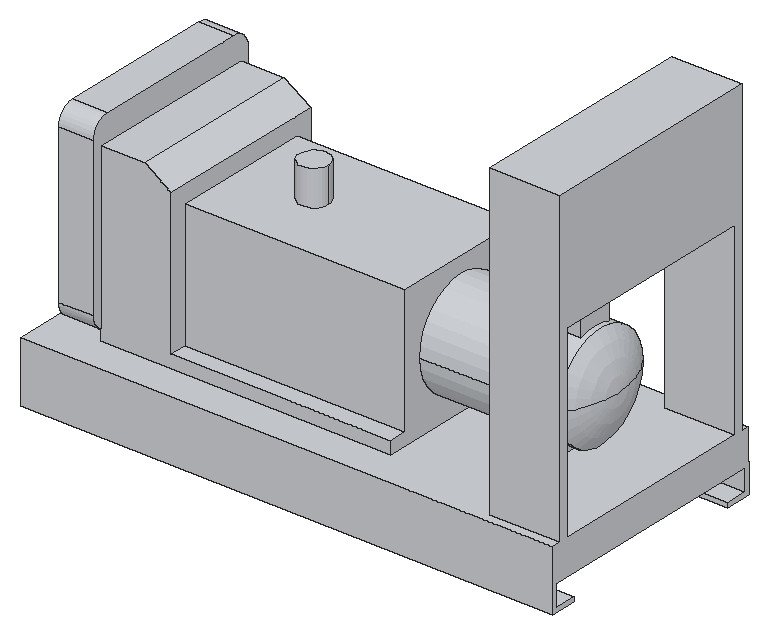
Revit family "M_Gerador de energia de emergência a gás", category Equipamento elétrico, Revit 2019
Family settings
  Configuração do painel = Duas colunas, circuitos transversais
  Cota do conector redondo = Utilizar diâmetro
  Tipo de parte = Painel de controle
  Número OmniClass = 23.80.10.11.11.11
  Título OmniClass = Engine Generators
  ID de item do Seek = Gas Emergency Power Generator-0000-CAN-ENU
  Com base no plano de trabalho = Não
  Sempre na vertical = Sim
  Corte com vazios quando carregada = Não
  Compartilhado = Não
  Ponto de cálculo do ambiente = Não
Parameters (values of type "25 kW")
  Largura 7 = 0.5 * Largura 4  # 279.321 mm
  Largura 6 = 0.5 * Largura 3  # 50.786 mm
  Largura 5 = Altura 3  # 76.179 mm
  Largura 4 = 11 / 14 * Largura do gerador  # 558.643 mm
  Largura 3 = Largura do gerador * 1 / 7  # 101.571 mm
  Largura 2 = 0.8 * Largura 1  # 406.286 mm
  Largura 1 = Largura do gerador * 5 / 7  # 507.857 mm
  Raio 6 = 0.2 * Comprimento 6  # 42.66 mm
  Raio 5 = Raio 1 + 25 mm  # 177.357 mm
  Raio 4 = 0.5 * Diâmetro 1  # 12.696 mm
  Raio 3 = 0.5 * Comprimento 4 + Comprimento 12  # 253.929 mm
  Raio 2 = Largura do gerador / 14  # 50.786 mm
  Raio 1 = (Largura do gerador - Largura 2) * 1 / 2  # 152.357 mm
  Classificação de carga = Potência
  Comprimento 9 = Comprimento 13  # 76.179 mm
  Comprimento 8 = (Largura do gerador - Largura 2) / 2  # 152.357 mm
  Comprimento 7 = Largura 2  # 406.286 mm
  Comprimento 6 = 1 / 3 * Comprimento 3  # 213.3 mm
  Comprimento 5 = Largura do gerador * 2 / 7  # 203.143 mm
  Comprimento 4 = Largura do gerador * 4 / 7  # 406.286 mm
  Comprimento 3 = Largura do gerador * 0.9  # 639.9 mm
  Comprimento 2 = Largura do gerador * 2 / 7  # 203.143 mm
  Comprimento 13 = 3 / 8 * Comprimento 2  # 76.179 mm
  Comprimento 12 = 1 / 2 * Comprimento 1  # 50.786 mm
  Comprimento 11 = 1 / 3 * Comprimento 13  # 25.393 mm
  Comprimento 10 = Comprimento 2 - Comprimento 13  # 126.964 mm
  Comprimento 1 = Largura do gerador / 7  # 101.571 mm
  Altura 9 = 1.5 * Altura 2  # 38.089 mm
  Altura 8 = 19 mm + Raio 1  # 171.357 mm
  Altura 7 = Largura do gerador * 1 / 2  # 355.5 mm
  Altura 6 = (Altura 2) * 3 / 2  # 38.089 mm
  Altura 5 = Altura 4 - 4 * (Altura 2)  # 406.286 mm
  Altura 4 = Altura 1 - 2 * (Altura 2)  # 507.857 mm
  Altura 3 = Altura 2 * 3  # 76.179 mm
  Altura 2 = Largura do gerador / 28  # 25.393 mm
  Altura 1 = 1.5 * (Largura 1) - 0.5 * (Largura 2)  # 558.643 mm
  Meia largura 4 = 0.5 * Largura 4  # 279.321 mm
  Largura do gerador = 711 mm
  Material do gerador = none
  Comprimento do gerador = 1546 mm
  Altura do gerador = 1080 mm
  Diâmetro 1 = 1 / 3 * Comprimento 13  # 25.393 mm
  Altura base = Largura do gerador * 1 / 4  # 177.75 mm
  Carga aparente [instance] = 31250 VA
  Voltagem do alternador = 480 V
Types (4, lengths in mm): name | Largura 7 | Largura 6 | Largura 5 | Largura 4 | Largura 3 | Largura 2 | Largura 1 | Raio 6 | Raio 5 | Raio 4 | Raio 3 | Raio 2 | Raio 1 | Comprimento 9 | Comprimento 8 | Comprimento 7 | Comprimento 6 | Comprimento 5 | Comprimento 4 | Comprimento 3 | Comprimento 2 | Comprimento 13 | Comprimento 12 | Comprimento 11 | Comprimento 10 | Comprimento 1 | Altura 9 | Altura 8 | Altura 7 | Altura 6 | Altura 5 | Altura 4 | Altura 3 | Altura 2 | Altura 1 | Meia largura 4 | Largura do gerador | Comprimento do gerador | Altura do gerador | Diâmetro 1 | Altura base | Carga aparente
  (no name) | 279.321 | 50.786 | 76.179 | 558.643 | 101.571 | 406.286 | 507.857 | 42.66 | 177.357 | 12.696 | 253.929 | 50.786 | 152.357 | 76.179 | 152.357 | 406.286 | 213.3 | 203.143 | 406.286 | 639.9 | 203.143 | 76.179 | 50.786 | 25.393 | 126.964 | 101.571 | 38.089 | 171.357 | 355.5 | 38.089 | 406.286 | 507.857 | 76.179 | 25.393 | 558.643 | 279.321 | 711 | 1546 | 1080 | 25.393 | 177.75 | 31250 VA
  125 kW | 558.643 | 101.571 | 152.357 | 1117.286 | 203.143 | 812.571 | 1015.714 | 85.32 | 329.714 | 25.393 | 507.857 | 101.571 | 304.714 | 152.357 | 304.714 | 812.571 | 426.6 | 406.286 | 812.571 | 1279.8 | 406.286 | 152.357 | 101.571 | 50.786 | 253.929 | 203.143 | 76.179 | 323.714 | 711 | 76.179 | 812.571 | 1015.714 | 152.357 | 50.786 | 1117.286 | 558.643 | 1422 | 3093 | 2159 | 50.786 | 355.5 | 156250 VA
  25 kW | 279.321 | 50.786 | 76.179 | 558.643 | 101.571 | 406.286 | 507.857 | 42.66 | 177.357 | 12.696 | 253.929 | 50.786 | 152.357 | 76.179 | 152.357 | 406.286 | 213.3 | 203.143 | 406.286 | 639.9 | 203.143 | 76.179 | 50.786 | 25.393 | 126.964 | 101.571 | 38.089 | 171.357 | 355.5 | 38.089 | 406.286 | 507.857 | 76.179 | 25.393 | 558.643 | 279.321 | 711 | 1546 | 1080 | 25.393 | 177.75 | 31250 VA
  32 kW | 306.821 | 55.786 | 83.679 | 613.643 | 111.571 | 446.286 | 557.857 | 46.86 | 192.357 | 13.946 | 278.929 | 55.786 | 167.357 | 83.679 | 167.357 | 446.286 | 234.3 | 223.143 | 446.286 | 702.9 | 223.143 | 83.679 | 55.786 | 27.893 | 139.464 | 111.571 | 41.839 | 186.357 | 390.5 | 41.839 | 446.286 | 557.857 | 83.679 | 27.893 | 613.643 | 306.821 | 781 | 1702 | 1188 | 27.893 | 195.25 | 40000 VA
Reference planes
  plane 1 "Centro (Frente/Trás)": y = 0
  plane 2: z = 0
  plane 3 "Centro (Esquerda/Direita)": x = 0
  plane 4: x = 773
  plane 5: x = -773
  plane 6: y = 355.5
  plane 7: y = -355.5
  plane 8: z = 1080
  plane 9: z = 76.179
  plane 10: y = -279.321
  plane 11: y = 279.321
  plane 12: y = -342.8
  plane 13: y = 342.8
  plane 14: z = 12.7
  plane 15: z = 177.75
  plane 16: x = -722.214
  plane 17: x = -620.643
  plane 18: z = 203.143
  plane 19: z = 761.786
  plane 20: z = 711
  plane 21: z = 253.929
  plane 22: y = -228.536
  plane 23: y = 228.536
  plane 24: z = 215.839
  plane 25: x = -417.5
  plane 26: x = -493.679
  plane 27: x = 222.4
  plane 28: z = 685.607
  plane 29: y = 253.929
  plane 30: y = -253.929
  plane 31: y = 203.143
  plane 32: y = -203.143
  plane 33: z = 584.036
  plane 34: z = 685.636
  plane 35: x = -204.2
  plane 36: x = 628.686
  plane 37: x = 425.543
  plane 38 "Planta 3": z = 387.196
  plane 39: z = 234.839
  plane 40: y = 25.393
  plane 41: y = -25.393
  plane 42: x = 501.721
  plane 43: x = 476.329
  plane 44: x = 527.114
  plane 45: x = 463.632
  plane 46: x = 539.811
  plane 47: x = 612.811
  plane 48: x = 460.454
  plane 49: y = 50.786
  plane 50: y = -50.786
  plane 51: z = 539.554
  plane 52: z = 577.643
  plane 53: x = 587.418
  plane 54: z = 724.5
  plane 55: y = 330.1
  plane 56: y = 304.7
  plane 57: y = -330.1
  plane 58: y = -304.7
  plane 59: x = 569.857
Forms (mm)
  Sweep 1, solid, material <- "Material do gerador", detail levels fine
    path origin (0, 0, 0) x (1, 0, 0) y (0, 1, 0)
      loop
        line (-773, 355.5) -> (773, 355.5)
    profile origin (0, 355.5, 0) x (0, 1, 0) y (0, 0, 1)
      loop
        line (0, 76.179) -> (-12.7, 76.179) -> (-12.7, 12.7) -> (-76.179, 12.7) -> (-76.179, 0) -> (0, 0) -> (0, 76.179)
  Sweep 2, solid, material <- "Material do gerador", detail levels fine
    path origin (0, 0, 0) x (1, 0, 0) y (0, 1, 0)
      loop
        line (-773, -355.5) -> (773, -355.5)
    profile origin (0, -355.5, 0) x (0, 1, 0) y (0, 0, 1)
      loop
        line (12.7, 76.179) -> (0, 76.179) -> (0, 0) -> (76.179, 0) -> (76.179, 12.7) -> (12.7, 12.7) -> (12.7, 76.179)
  Extrusion 3, solid, material <- "Material do gerador", detail levels fine
    sketch origin (0, 0, 0) x (1, 0, 0) y (0, 0, 1)
      loop
        line (-773, 177.75) -> (-773, 76.179) -> (773, 76.179) -> (773, 177.75) -> (-773, 177.75)
    from -355.5 to 355.5
  Extrusion 4, solid, material <- "Material do gerador", detail levels fine
    sketch origin (0, 0, 0) x (0, 1, 0) y (0, 0, 1)
      loop
        line (228.536, 761.786) -> (-228.536, 761.786)
        arc (-228.536, 761.786) -> (-264.447, 746.911) -> (-279.321, 711) r 50.786
        line (-279.321, 711) -> (-279.321, 253.929)
        arc (-279.321, 253.929) -> (-264.447, 218.018) -> (-228.536, 203.143) r 50.786
        line (-228.536, 203.143) -> (228.536, 203.143)
        arc (228.536, 203.143) -> (264.447, 218.018) -> (279.321, 253.929) r 50.786
        line (279.321, 253.929) -> (279.321, 711)
        arc (279.321, 711) -> (264.447, 746.911) -> (228.536, 761.786) r 50.786
    from -722.214 to -620.643
  Extrusion 5, solid, material <- "Material do gerador", detail levels fine
    sketch origin (0, 0, 0) x (1, 0, 0) y (0, 0, 1)
      loop
        line (-620.643, 685.607) -> (-620.643, 177.75) -> (222.4, 177.75) -> (222.4, 215.839) -> (-417.5, 215.839) -> (-417.5, 634.706) -> (-493.679, 685.607) -> (-620.643, 685.607)
    from -253.929 to 253.929
  Extrusion 6, solid, material <- "Material do gerador", detail levels fine
    sketch origin (0, 0, 0) x (1, 0, 0) y (0, 0, 1)
      loop
        line (-417.5, 584.036) -> (-417.5, 215.839) -> (222.4, 215.839) -> (222.4, 584.036) -> (-417.5, 584.036)
    from -203.143 to 203.143
  Extrusion 7, solid, material <- "Material do gerador", detail levels fine
    sketch origin (0, 0, 0) x (1, 0, 0) y (0, 1, 0)
      loop
        circle (-204.2, 0) r 42.66
    from 584.036 to 685.636
  Extrusion 8, solid, material <- "Material do gerador", detail levels fine
    sketch origin (0, 0, 0) x (0, 1, 0) y (0, 0, 1)
      loop
        circle (0, 387.196) r 152.357
    from 222.4 to 628.686
  Revolve 9, solid, material <- "Material do gerador", detail levels fine
    sketch origin (0, 0, 387.196) x (-1, 0, 0) y (0, -1, 0)
      loop
        line (-679.471, 0) -> (-628.686, 0) -> (-628.686, 152.357)
        arc (-628.686, 152.357) -> (-666.441, 80.299) -> (-679.471, 0) r 253.929
      axis (-628.686, 0) -> (-679.471, 0)
    angle from 0 to 360
  Extrusion 10, solid, material <- "Material do gerador", detail levels fine
    sketch origin (0, 0, 387.196) x (-1, 0, 0) y (0, -1, 0)
      loop
        line (-476.329, -25.393) -> (-476.329, 25.393) -> (-527.114, 25.393) -> (-527.114, -25.393) -> (-476.329, -25.393)
    from -209.446 to 0
  Extrusion 11, solid, material <- "Material do gerador", detail levels fine
    sketch origin (0, 0, 0) x (0, 1, 0) y (0, 0, 1)
      loop
        arc (123.26, 297.643) -> (0, 234.839) -> (-123.26, 297.643) r 152.357
        line (-123.26, 297.643) -> (-143.485, 282.949)
        arc (-143.485, 282.949) -> (0, 209.839) -> (143.485, 282.949) r 177.357
        line (143.485, 282.949) -> (123.26, 297.643)
    from 463.632 to 539.811
  Extrusion 12, solid, material <- "Material do gerador", detail levels fine
    sketch origin (0, 0, 387.196) x (-1, 0, 0) y (0, -1, 0)
      loop
        line (-460.454, -50.786) -> (-460.454, 50.786) -> (-612.811, 50.786) -> (-612.811, -50.786) -> (-460.454, -50.786)
    from 0 to 190.446
  Extrusion 13, solid, material <- "Material do gerador", detail levels fine
    sketch origin (0, 0, 387.196) x (-1, 0, 0) y (0, -1, 0)
      loop
        circle (-587.418, 0) r 12.696
    from 190.446 to 337.304
  Extrusion 14, solid, material <- "Material do gerador", detail levels fine
    sketch origin (0, 0, 387.196) x (-1, 0, 0) y (0, -1, 0)
      loop
        line (-569.857, -330.1) -> (-569.857, -304.7) -> (-773, -304.7) -> (-773, -330.1) -> (-569.857, -330.1)
    from -209.446 to 337.304
  Extrusion 15, solid, material <- "Material do gerador", detail levels fine
    sketch origin (0, 0, 387.196) x (-1, 0, 0) y (0, -1, 0)
      loop
        line (-569.857, 304.7) -> (-569.857, 330.1) -> (-773, 330.1) -> (-773, 304.7) -> (-569.857, 304.7)
    from -209.446 to 337.304
  Extrusion 16, solid, material <- "Material do gerador", detail levels fine
    sketch origin (0, 0, 387.196) x (-1, 0, 0) y (0, -1, 0)
      loop
        line (-569.857, -330.1) -> (-569.857, 330.1) -> (-773, 330.1) -> (-773, -330.1) -> (-569.857, -330.1)
    from 337.304 to 692.804
  Extrusion 17, solid, material <- "Material do gerador", detail levels coarse+medium
    sketch origin (0, 0, 0) x (0, 1, 0) y (0, 0, 1)
      loop
        line (355.5, 1080) -> (-355.5, 1080) -> (-355.5, 0) -> (355.5, 0) -> (355.5, 1080)
    from -773 to 773
Cuts and joins
  joined: Sweep 1, Sweep 2, Extrusion 3, Extrusion 4, Extrusion 5, Extrusion 6, Extrusion 7, Extrusion 8, Revolve 9, Extrusion 10, Extrusion 11, Extrusion 12, Extrusion 13, Extrusion 14, Extrusion 15, Extrusion 16
Lines and regions (mm)
  reference lines
    curve 1: line (0, 0, 387.196) -> (0, -174.667, 260.294)
    curve 2: line (0, 0, 387.196) -> (0, 169.53, 264.026)
Dimensions and locks
  equal spacing: plane 5, plane 3 "Centro (Esquerda/Direita)", plane 4
  "Comprimento do gerador": plane 5 to plane 4
  equal spacing: plane 7, plane 1 "Centro (Frente/Trás)", plane 6
  "Largura do gerador": plane 7 to plane 6
  "Altura do gerador": plane 8 to plane 2
  "Altura 3": plane 9 to plane 2
  "Largura 5": plane 10 to plane 7
  "Largura 5": plane 6 to plane 11
  locked: plane 14 to plane 2 at 12.7
  locked: plane 6 to plane 13 at 12.7
  locked: plane 12 to plane 7 at 12.7
  "Altura base": plane 15 to plane 2
  "Comprimento 12": plane 5 to plane 16
  "Comprimento 1": plane 16 to plane 17
  "Altura 2": plane 18 to plane 15
  "Altura 1": plane 19 to plane 18
  equal spacing: plane 11, plane 1 "Centro (Frente/Trás)", plane 10
  "Largura 7": plane 11 to plane 1 "Centro (Frente/Trás)"
  "Raio 2": plane 19 to plane 20
  "Raio 2": plane 21 to plane 18
  "Raio 2": plane 22 to plane 10
  "Raio 2": plane 11 to plane 23
  "Altura 6": plane 24 to plane 15
  "Comprimento 2": plane 17 to plane 25
  "Comprimento 3": plane 25 to plane 27
  "Comprimento 13": plane 26 to plane 25
  "Altura 4": plane 28 to plane 15
  equal spacing: plane 30, plane 1 "Centro (Frente/Trás)", plane 29
  "Largura 1": plane 30 to plane 29
  equal spacing: plane 32, plane 1 "Centro (Frente/Trás)", plane 31
  "Largura 2": plane 32 to plane 31
  "Altura 5": plane 33 to plane 15
  locked: plane 34 to plane 33 at 101.6
  "Comprimento 6": plane 25 to plane 35
  "Comprimento 4": plane 27 to plane 36
  equal spacing: plane 27, plane 37, plane 36
  "Altura 8": plane 38 "Planta 3" to plane 24
  "Raio 1": plane 38 "Planta 3" to plane 39
  equal spacing: plane 41, plane 1 "Centro (Frente/Trás)", plane 40
  "Largura 6": plane 41 to plane 40
  "Comprimento 10": plane 42 to plane 36
  equal spacing: plane 43, plane 42, plane 44
  "Largura 6": plane 43 to plane 44
  equal spacing: plane 45, plane 42, plane 46
  "Comprimento 9": plane 45 to plane 46
  locked: plane 47 to plane 36 at 15.875
  "Comprimento 8": plane 48 to plane 47
  equal spacing: plane 50, plane 1 "Centro (Frente/Trás)", plane 49
  "Largura 3": plane 50 to plane 49
  "Raio 1": plane 51 to plane 38 "Planta 3"
  "Altura 9": plane 52 to plane 51
  "Comprimento 11": plane 53 to plane 47
  "Altura 7": plane 8 to plane 54
  locked: plane 55 to plane 6 at 25.4
  locked: plane 56 to plane 55 at 25.4
  locked: plane 7 to plane 57 at 25.4
  locked: plane 57 to plane 58 at 25.4
  "Comprimento 5": plane 59 to plane 4
  "Raio 2": radius of Extrusion 4 sketch curve  (x4)
  "Raio 6": radius of Extrusion 7 sketch curve
  "Raio 1": radius of Extrusion 8 sketch curve
  "Raio 3": radius of Revolve 9 sketch curve
  "Raio 1": radius of Extrusion 11 sketch curve
  "Raio 5": radius of Extrusion 11 sketch curve
  "Raio 4": radius of Extrusion 13 sketch curve
  locked: plane 26 to Extrusion 5 sketch curve (angle 56.25°)
  locked: curve 1 to plane 1 "Centro (Frente/Trás)" (angle 54.00°)
  locked: plane 1 "Centro (Frente/Trás)" to curve 2 (angle 54.00°)
  aligned and locked: plane 6 to Sweep 1 sketch curve  (x2)
  aligned and locked: Sweep 1 sketch curve to plane 9
  aligned and locked: Sweep 1 sketch curve to plane 13
  aligned and locked: Sweep 1 sketch curve to plane 14
  aligned and locked: Sweep 1 sketch curve to plane 11
  aligned and locked: plane 2 to Sweep 1 sketch curve
  aligned and locked: Sweep 2 sketch curve to plane 7
  aligned and locked: Sweep 2 sketch curve to plane 9
  aligned and locked: plane 12 to Sweep 2 sketch curve
  aligned and locked: Sweep 2 sketch curve to plane 14
  aligned and locked: Sweep 2 sketch curve to plane 10
  aligned and locked: plane 2 to Sweep 2 sketch curve
  aligned and locked: plane 7 to Sweep 2 sketch curve
  aligned and locked: plane 5 to Sweep 1
  aligned and locked: plane 5 to Sweep 2
  aligned and locked: plane 4 to Sweep 2
  aligned and locked: plane 4 to Sweep 1
  aligned and locked: plane 5 to Extrusion 3 sketch curve
  aligned and locked: Extrusion 3 sketch curve to plane 15
  aligned and locked: Sweep 1 to Extrusion 3 sketch curve
  aligned and locked: Extrusion 3 sketch curve to Sweep 1
  aligned and locked: Extrusion 3 to plane 6
  aligned and locked: Extrusion 3 to plane 7
  aligned and locked: plane 23 to Extrusion 4 sketch curve  (x2)
  aligned and locked: plane 20 to Extrusion 4 sketch curve  (x2)
  aligned and locked: plane 22 to Extrusion 4 sketch curve  (x2)
  aligned and locked: plane 21 to Extrusion 4 sketch curve  (x2)
  aligned and locked: Extrusion 4 to plane 16
  aligned and locked: plane 17 to Extrusion 4
  aligned and locked: Extrusion 5 sketch curve to plane 28
  aligned and locked: Extrusion 5 sketch curve to plane 25
  aligned and locked: plane 26 to Extrusion 5 sketch curve
  aligned and locked: plane 17 to Extrusion 5 sketch curve
  aligned and locked: Extrusion 5 sketch curve to plane 24
  aligned and locked: plane 15 to Extrusion 5 sketch curve
  aligned and locked: Extrusion 5 sketch curve to plane 27
  aligned and locked: Extrusion 5 to plane 29
  aligned and locked: plane 30 to Extrusion 5
  aligned and locked: plane 25 to Extrusion 6 sketch curve
  aligned and locked: Extrusion 6 sketch curve to plane 33
  aligned and locked: Extrusion 6 sketch curve to Extrusion 5  (x2)
  aligned and locked: Extrusion 6 to plane 31
  aligned and locked: plane 32 to Extrusion 6
  aligned and locked: plane 35 to Extrusion 7 sketch curve
  aligned and locked: plane 1 "Centro (Frente/Trás)" to Extrusion 7 sketch curve
  aligned and locked: plane 34 to Extrusion 7
  aligned and locked: Extrusion 7 to plane 33
  aligned and locked: plane 1 "Centro (Frente/Trás)" to Extrusion 8 sketch curve
  aligned and locked: plane 38 "Planta 3" to Extrusion 8 sketch curve
  aligned and locked: plane 36 to Extrusion 8
  aligned and locked: Extrusion 8 to plane 27
  aligned and locked: plane 37 to Revolve 9 sketch curve
  aligned and locked: plane 1 "Centro (Frente/Trás)" to Revolve 9 sketch curve  (x2)
  aligned and locked: plane 36 to Revolve 9 sketch curve
  aligned and locked: plane 43 to Extrusion 10 sketch curve
  aligned and locked: plane 40 to Extrusion 10 sketch curve
  aligned and locked: plane 41 to Extrusion 10 sketch curve
  aligned and locked: Extrusion 10 sketch curve to plane 44
  aligned and locked: Extrusion 10 to plane 15
  aligned and locked: plane 38 "Planta 3" to Extrusion 10
  aligned and locked: plane 1 "Centro (Frente/Trás)" to curve 1
  aligned and locked: plane 38 "Planta 3" to curve 1
  aligned and locked: plane 1 "Centro (Frente/Trás)" to Extrusion 11 sketch curve  (x2)
  aligned and locked: plane 38 "Planta 3" to Extrusion 11 sketch curve  (x2)
  aligned and locked: curve 1 to Extrusion 11 sketch curve
  aligned and locked: curve 2 to Extrusion 11 sketch curve
  aligned and locked: plane 46 to Extrusion 11
  aligned and locked: Extrusion 11 to plane 45
  aligned and locked: plane 48 to Extrusion 12 sketch curve
  aligned and locked: plane 49 to Extrusion 12 sketch curve
  aligned and locked: plane 50 to Extrusion 12 sketch curve
  aligned and locked: Extrusion 12 sketch curve to plane 47
  aligned and locked: plane 52 to Extrusion 12
  aligned and locked: Extrusion 12 to plane 38 "Planta 3"
  aligned and locked: plane 53 to Extrusion 13 sketch curve
  aligned and locked: plane 1 "Centro (Frente/Trás)" to Extrusion 13 sketch curve
  aligned and locked: Extrusion 13 to plane 52
  aligned and locked: plane 54 to Extrusion 13
  aligned and locked: plane 59 to Extrusion 14 sketch curve
  aligned and locked: plane 55 to Extrusion 14 sketch curve
  aligned and locked: plane 56 to Extrusion 14 sketch curve
  aligned and locked: Extrusion 14 sketch curve to plane 4
  aligned and locked: Extrusion 14 to plane 15
  aligned and locked: plane 54 to Extrusion 14
  aligned and locked: plane 59 to Extrusion 15 sketch curve
  aligned and locked: plane 58 to Extrusion 15 sketch curve
  aligned and locked: plane 57 to Extrusion 15 sketch curve
  aligned and locked: Extrusion 15 sketch curve to plane 4
  aligned and locked: plane 54 to Extrusion 15
  aligned and locked: Extrusion 15 to plane 15
  aligned and locked: plane 59 to Extrusion 16 sketch curve
  aligned and locked: plane 55 to Extrusion 16 sketch curve
  aligned and locked: plane 57 to Extrusion 16 sketch curve
  aligned and locked: Extrusion 16 sketch curve to plane 4
  aligned and locked: plane 8 to Extrusion 16
  aligned and locked: Extrusion 16 to plane 54
  aligned and locked: plane 6 to Extrusion 17 sketch curve
  aligned and locked: plane 8 to Extrusion 17 sketch curve
  aligned and locked: cut or joined group 1 (Sweep 1, Sweep 2, Extrusion 3, Extrusion 4, Extrusion 5, Extrusion 6, Extrusion 7, Extrusion 8, Revolve 9, Extrusion 10, Extrusion 11, Extrusion 12, Extrusion 13, Extrusion 14, Extrusion 15, Extrusion 16) to Extrusion 17 sketch curve
  aligned and locked: Extrusion 17 sketch curve to cut or joined group 1
  aligned and locked: Extrusion 17 to plane 5
  aligned and locked: plane 4 to Extrusion 17
Automatic sketch dimensions
  Sweep 1 sketch curve to plane 5 = 0 mm
  Sweep 1 sketch curve to plane 4 = 0 mm
  Sweep 2 sketch curve to plane 5 = 0 mm
  Sweep 2 sketch curve to plane 4 = 0 mm
  Revolve 9 sketch curve to plane 1 "Centro (Frente/Trás)" = 0 mm
  Revolve 9 sketch curve to plane 4 = 0 mm
  Revolve 9 sketch curve to plane 37 = 0 mm
Connectors
  electrical at (0, 0, 1080), driven by "Voltagem do alternador", driven by "Carga aparente", driven by "Classificação de carga"
    settings: on Extrusion 17, index 1, voltage 480 V, apparent load 31250 VA, apparent load phase1 0 VA, apparent load phase2 0 VA, apparent load phase3 0 VA, power factor 1, load classification "Potência", number of poles 3, system type 30, power factor state 1, is connector primary yes, connector utility no, sub classification motor no, connector description ""
  cabletrayconduit at (-97.55, 0, 584.036), diameter 600
    settings: on cut or joined group 1, index 2, connector width 300 mm, connector height 300 mm, connector angle 0.00°, system type 32, placement type 1, profile type 0, connector reference index -1, is primary connector yes, connector utility param no, connector description ""
  cabletrayconduit at (-722.214, 0, 482.464), diameter 600
    settings: on cut or joined group 1, index 3, connector width 300 mm, connector height 300 mm, connector angle 0.00°, system type 32, placement type 1, profile type 0, connector reference index -1, is primary connector no, connector utility param no, connector description ""
  cabletrayconduit at (773, 0, 192.135), diameter 600
    settings: on cut or joined group 1, index 4, connector width 300 mm, connector height 300 mm, connector angle 0.00°, system type 32, placement type 1, profile type 0, connector reference index -1, is primary connector no, connector utility param no, connector description ""
  cabletrayconduit at (-97.55, 203.143, 399.938), diameter 600
    settings: on cut or joined group 1, index 5, connector width 300 mm, connector height 300 mm, connector angle 0.00°, system type 32, placement type 1, profile type 0, connector reference index -1, is primary connector no, connector utility param no, connector description ""
  cabletrayconduit at (0, 0, 76.179), diameter 600
    settings: on cut or joined group 1, index 6, connector width 300 mm, connector height 300 mm, connector angle 0.00°, system type 32, placement type 1, profile type 0, connector reference index -1, is primary connector no, connector utility param no, connector description ""
  cabletrayconduit at (-97.55, -203.143, 399.938), diameter 600
    settings: on cut or joined group 1, index 7, connector width 300 mm, connector height 300 mm, connector angle 0.00°, system type 32, placement type 1, profile type 0, connector reference index -1, is primary connector no, connector utility param no, connector description ""
